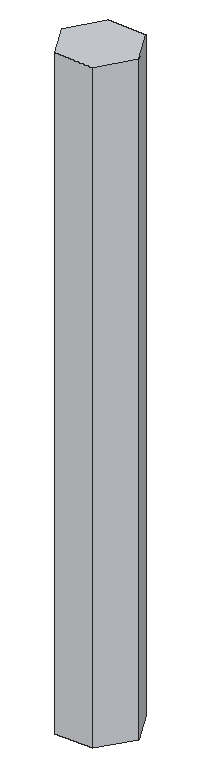
Revit family "6kolonna", category Колонны, Revit 2017
Family settings
  Номер OmniClass = 23.25.30.11.14.11
  Заголовок OmniClass = Columns
  При загрузке вырезать с полостями = Нет
  Автоматическое присоединение геометрии к стенам = Да
  Общий = Нет
  Показывать семейство разрезанным на планах = Да
Parameters
  сторона = 250 mm
  материал = none
Reference planes
  plane 1 "По центру (Вперед/Назад)": y = 0
  plane 2: z = 0
  plane 3 "По центру (Влево/Вправо)": x = 0
  plane 4 "Слева": x = -300
  plane 5 "Справа": x = 300
  plane 6 "Назад": y = 300
  plane 7 "Спереди": y = -300
Forms (mm)
  Extrusion 1, solid, material <- "материал"
    sketch origin (0, 0, 0) x (1, 0, 0) y (0, 1, 0)
      loop
        line (250, 0) -> (125, 216.506) -> (-125, 216.506) -> (-250, 0) -> (-125, -216.506) -> (125, -216.506) -> (250, 0)
    from 0 to 4000
Dimensions and locks
  "сторона": Extrusion 1 sketch curve to Extrusion 1 sketch curve  (x4)
  equal spacing: Extrusion 1 sketch curve, plane 3 "По центру (Влево/Вправо)", Extrusion 1 sketch curve  (x2)
  angle Extrusion 1 sketch curve to Extrusion 1 sketch curve = 60.00°  (x4)
  locked: Extrusion 1 sketch curve to Extrusion 1 sketch curve (angle 60.00°)  (x2)
  aligned and locked: level to plane 2
  aligned and locked: level to Extrusion 1
  aligned and locked: Extrusion 1 to level
Automatic sketch dimensions
  plane 1 "По центру (Вперед/Назад)" to Extrusion 1 sketch curve = 0 mm
